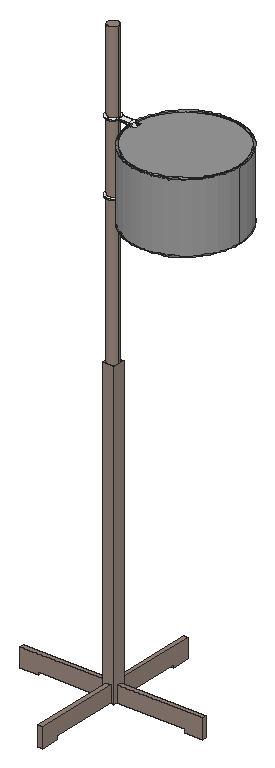
Revit family "Indoor_Floor Lamp_Santa&Cole_TMM", category Luminarias, Revit 2018
Family settings
  Cota de conector redondo = Diámetro de uso
  Tipo de pieza = Normal
  Número OmniClass = 23.80.70.00
  Título OmniClass = Lighting
  Se basa en plano de trabajo = No
  Siempre vertical = Sí
  Corte con vacíos al cargar = No
  Origen de luz = Sí
  Compartido = No
  Punto de cálculo de habitación = No
Parameters (values of type "White cardboard + Diffuser")
  Wattage Comments = ""
  Wattage = 1.44171 W
  built-in parameter 1150110 = 1 (stored number, unit not read)
  Upper Diffuser = yes
  URL = "https://www.santacole.com/en/catalogue/floor-lamps/tmm"
  built-in parameter 1114217 = 1 (stored number, unit not read)
  built-in parameter 1150109 = 1 (stored number, unit not read)
  built-in parameter 1150134 = (empty or 0)
  Technical Information = "https://www.santacole.com/recursos/productos/downloads/pdf_espec_tecnicas/SC_TMM_floor_data%20sheet.pdf"
  built-in parameter 1150113 = 1 (stored number, unit not read)
  Structure Material [instance] = Structure : Beech
  Modelo = "TMM"
  Manufacturer website = "http://www.santacole.com"
  Fabricante = "Santa & Cole"
  Lumens = 1521 lm
  built-in parameter 1150115 = 1 (stored number, unit not read)
  built-in parameter 1150105 = 121.04 (stored number, unit not read)
  Load = 12 W
  Tamaño de símbolo de origen de luz = 50 mm
  built-in parameter 1150137 = (empty or 0)
  built-in parameter 1150139 = (empty or 0)
  built-in parameter 1150112 = 1 (stored number, unit not read)
  Lamp Shade Material = Santa & Cole - White Cardboard
  built-in parameter 1150114 = 1 (stored number, unit not read)
  Lámpara = "LED Bulb E26/E27\r\nLED Bulb E26/E27"
  built-in parameter 1150132 = 2
  built-in parameter 1150102 = (empty or 0)
  built-in parameter 1150138 = (empty or 0)
  built-in parameter 1150107 = 2700 (stored number, unit not read)
  built-in parameter 1150106 = 1.2104 (stored number, unit not read)
  Energy Label = "https://www.santacole.com/recursos/productos/downloads/pdf_energy_label/Energy%20Label_TMM_without_bulb.pdf"
  built-in parameter 1150104 = 98.013 (stored number, unit not read)
  Cambio de temperatura de color de luz atenuada = <Ninguno>
  Designed by = "Miguel Milá. 1961"
  Contact phone = "+34.938.619.100\r\n+34.938.619.100\r\n+34.938.619.100"
  Contact e-mail = "info@santacole.com"
  Filtro de color = 16777215
  Code = "TMMxx+TMMPx"
  built-in parameter 1114218 = 1 (stored number, unit not read)
  built-in parameter 1150133 = 10 (stored number, unit not read)
  Assembly instructions - UL = "https://www.santacole.com/recursos/productos/downloads/pdf_montaje/TMM_im_UL.pdf"
  Assembly instructions - CE = "https://www.santacole.com/recursos/productos/downloads/pdf_montaje/TMM_im.pdf"
  Carga aparente = 12 VA
Types (3, lengths in mm): name | Upper Diffuser | URL | Technical Information | Lamp Shade Material | Energy Label | Designed by | Code | Assembly instructions - UL | Assembly instructions - CE
  Beige cardboard | no | "http://www.santacole.com/en/catalogo/lamparas-de-pie/tmm" | "http://www.santacole.com/recursos/productos/downloads/pdf_espec_tecnicas/TMM_technical_information.pdf?v=207" | Santa & Cole - Beige Cardboard | "http://www.santacole.com/recursos/productos/downloads/pdf_energy_label/Energy%20Label_TMM_without_bulb.pdf?v=576" | "Miguel Milá, 1961" | "TMMP1\r\nTMMP1\r\nTMMP1\r\nTMMP1" | "http://www.santacole.com/recursos/productos/downloads/pdf_montaje/TMM_im_UL.pdf?v=576" | "http://www.santacole.com/recursos/productos/downloads/pdf_montaje/TMM_im.pdf?v=576"
  White cardboard | no | "http://www.santacole.com/en/catalogo/lamparas-de-pie/tmm" | "http://www.santacole.com/recursos/productos/downloads/pdf_espec_tecnicas/TMM_technical_information.pdf?v=207" | Santa & Cole - White Cardboard | "http://www.santacole.com/recursos/productos/downloads/pdf_energy_label/Energy%20Label_TMM_without_bulb.pdf?v=576" | "Miguel Milá, 1961" | "TMMP2\r\nTMMP2" | "http://www.santacole.com/recursos/productos/downloads/pdf_montaje/TMM_im_UL.pdf?v=576" | "http://www.santacole.com/recursos/productos/downloads/pdf_montaje/TMM_im.pdf?v=576"
  White cardboard + Diffuser | yes | "https://www.santacole.com/en/catalogue/floor-lamps/tmm" | "https://www.santacole.com/recursos/productos/downloads/pdf_espec_tecnicas/SC_TMM_floor_data%20sheet.pdf" | Santa & Cole - White Cardboard | "https://www.santacole.com/recursos/productos/downloads/pdf_energy_label/Energy%20Label_TMM_without_bulb.pdf" | "Miguel Milá. 1961" | "TMMxx+TMMPx" | "https://www.santacole.com/recursos/productos/downloads/pdf_montaje/TMM_im_UL.pdf" | "https://www.santacole.com/recursos/productos/downloads/pdf_montaje/TMM_im.pdf"
Reference planes
  plane 1 "Light Source Axis (F/B)": y = 0
  plane 2: z = 0
  plane 3 "Light Source Axis (L/R)": x = 0
  plane 4 "Light Source Elevation": z = 1345.5
  plane 5: x = 85.5
  plane 6 "Wire Plane": through (112.271, 0, 2000) normal (-0.2419, -0.9703, 0)
Forms (mm)
  Sweep 1, solid, material "Santa & Cole - White Cardboard" <- "Lamp Shade Material"
    path origin (0, 0, 1345.5) x (0, -1, 0) y (1, 0, 0)
      loop
        circle (0, 198.5) r 146.1
    profile origin (344.6, 0, 1345.5) x (1, 0, 0) y (0, 0, 1)
      loop
        circle (1.85, 94.65) r 1.85
      loop
        circle (1.85, -94.65) r 1.85
  Extrusion 2, solid, material "Santa & Cole - White Cardboard" <- "Lamp Shade Material"
    sketch origin (0, 0, 1345.5) x (0, -1, 0) y (-1, 0, 0)
      loop
        circle (0, -198.5) r 149.8
      loop
        circle (0, -198.5) r 148.8
    from -94.7 to 94.7
  Sweep 3, solid, material "Santa & Cole - Chrome Metal"
    path origin (0, 0, 0) x (1, 0, 0) y (0, 0, 1)
      loop
        line (15, 1445.5) -> (50.186, 1445.5)
        arc (50.186, 1445.5) -> (53.422, 1444.553) -> (55.636, 1442.01) r 6
        line (55.636, 1442.01) -> (84.95, 1378.352)
        arc (84.95, 1378.352) -> (85.361, 1377.127) -> (85.5, 1375.842) r 6
        line (85.5, 1375.842) -> (85.5, 1315.158)
        arc (85.5, 1315.158) -> (85.361, 1313.873) -> (84.95, 1312.648) r 6
        line (84.95, 1312.648) -> (55.636, 1248.99)
        arc (55.636, 1248.99) -> (53.422, 1246.447) -> (50.186, 1245.5) r 6
        line (50.186, 1245.5) -> (15, 1245.5)
    profile origin (32.593, 0, 1445.5) x (0, 0, 1) y (0, -1, 0)
      loop
        line (0, -9) -> (0, 9)
        arc (0, 9) -> (-0.293, 9.707) -> (-1, 10) r 1
        line (-1, 10) -> (-4, 10)
        arc (-4, 10) -> (-4.707, 9.707) -> (-5, 9) r 1
        line (-5, 9) -> (-5, -9)
        arc (-5, -9) -> (-4.707, -9.707) -> (-4, -10) r 1
        line (-4, -10) -> (-1, -10)
        arc (-1, -10) -> (-0.293, -9.707) -> (0, -9) r 1
  Sweep 4, solid, material "Santa & Cole - Chrome Metal"
    path origin (0, 0, 1345.5) x (0, -1, 0) y (1, 0, 0)
      loop
        circle (0, 0) r 15
    profile origin (15, 0, 1345.5) x (1, 0, 0) y (0, 0, 1)
      loop
        circle (2.5, 97.5) r 2.5
      loop
        circle (2.5, -97.5) r 2.5
  Extrusion 5, void
    sketch origin (0, 0, 1345.5) x (-1, 0, 0) y (0, -1, 0)
      loop
        circle (0, 0) r 17.5
    from -100 to 100
  Extrusion 6, solid, material "Santa & Cole - White Cardboard", visible <- "Upper Diffuser"
    sketch origin (0, 0, 1345.5) x (0, -1, 0) y (-1, 0, 0)
      loop
        arc (-11, -53.918) -> (0, -343.5) -> (11, -53.918) r 145
        line (11, -53.918) -> (11, -66.985)
        arc (11, -66.985) -> (10.266, -68.757) -> (8.494, -69.491) r 2.506
        line (8.494, -69.491) -> (-8.535, -69.491)
        arc (-8.535, -69.491) -> (-10.278, -68.769) -> (-11, -67.026) r 2.465
        line (-11, -67.026) -> (-11, -53.918)
    from -94.7 to -92.7
Cuts and joins
  Extrusion 5 cuts Sweep 3
  Extrusion 5 cuts Sweep 1
Dimensions and locks
  aligned and locked: plane 1 "Light Source Axis (F/B)" to imposter light
  aligned and locked: plane 4 "Light Source Elevation" to imposter light
  aligned and locked: level to plane 2
Nested families
  nested 1: "Structure" at (0, 0, 0), type <- "Structure Material", type "Beech"
Definition of nested family "Structure"
  Parameters
    Structure Material = none
    Manufacturer = "Santa & Cole"
  Reference planes
    plane 1 "Center (Front/Back)": y = 0
    plane 2: z = 0
    plane 3 "Center (Left/Right)": x = 0
  Forms (mm)
    Extrusion 1, solid, material <- "Structure Material"
      sketch origin (0, 0, 0) x (1, 0, 0) y (0, 1, 0)
        loop
          line (-5.9, 250) -> (-5.9, 5.9) -> (-250, 5.9) -> (-250, -5.9) -> (-5.9, -5.9) -> (-5.9, -250) -> (5.9, -250) -> (5.9, -5.9) -> (250, -5.9) -> (250, 5.9) -> (5.9, 5.9) -> (5.9, 250) -> (-5.9, 250)
      from 8 to 53
    Extrusion 2, solid, material <- "Structure Material"
      sketch origin (0, 0, 0) x (1, 0, 0) y (0, 1, 0)
        loop
          line (-15.75, 15.75) -> (-15.75, -15.75) -> (15.75, -15.75) -> (15.75, 15.75) -> (-15.75, 15.75)
      from 8 to 838
    Extrusion 3, solid, material <- "Structure Material"
      sketch origin (0, 0, 0) x (1, 0, 0) y (0, 1, 0)
        loop
          circle (0, 0) r 15
      from 838 to 1668
    Extrusion 4, solid, material <- "Structure Material"
      sketch origin (0, 0, 0) x (1, 0, 0) y (0, 1, 0)
        loop
          line (-5.9, 250) -> (-5.9, 200) -> (5.9, 200) -> (5.9, 250) -> (-5.9, 250)
        loop
          line (-5.9, -250) -> (5.9, -250) -> (5.9, -200) -> (-5.9, -200) -> (-5.9, -250)
        loop
          line (250, 5.9) -> (200, 5.9) -> (200, -5.9) -> (250, -5.9) -> (250, 5.9)
        loop
          line (-250, 5.9) -> (-250, -5.9) -> (-200, -5.9) -> (-200, 5.9) -> (-250, 5.9)
      from 0 to 8
  Cuts and joins
    joined: Extrusion 1, Extrusion 2, Extrusion 3, Extrusion 4
  Dimensions and locks
    aligned and locked: level to plane 2
